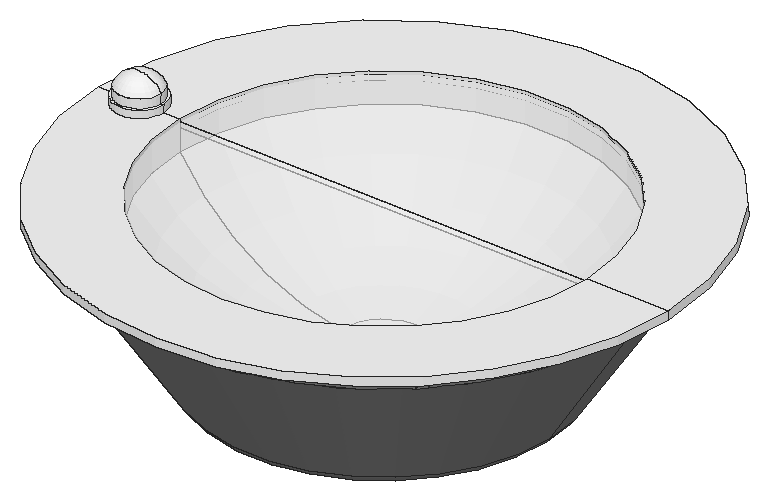
Revit family "0030320", category Lighting Fixtures, host Face, Revit 2017
Family settings
  Host = Face
  Round Connector Dimension = Use Diameter
  Part Type = Normal
  OmniClass Number = 23.80.70.00
  OmniClass Title = Lighting
  Cut with Voids When Loaded = No
  Light Source = Yes
  Shared = No
  Room Calculation Point = No
Parameters (values of type "0030320 Insaver Slim U19 IP44 170 PIR 1500lm 830")
  WidthBezel_SYL = if(Size1_SYL, 20 mm, if(Size2_SYL, 20 mm, if(Size3PIR_SYL, 30 mm, if(Size4_SYL, 20 mm, 20 mm))))  # 30 mm
  Weight = "kg"
  Wattage Comments = ""
  Wattage = 9 W
  WarrantyStartDate [instance] = "n/a"
  WarrantyGuarantorParts = "n/a"
  WarrantyDurationUnit = "n/a"
  WarrantyDurationParts = "n/a"
  WarrantyDescription = "n/a"
  built-in parameter 1150110 = 1 (stored number, unit not read)
  Voltage = 230 V
  VisibilityPIR_SYL = Size3PIR_SYL  # yes
  URL = "http://www.sylvania-lighting.com"
  TypeName = "Insaver Slim U19 IP44 170 PIR 1500lm 830"
  Type Image = <None>
  Type Comments = "n/a"
  built-in parameter 1114217 = 1 (stored number, unit not read)
  Tilt Angle = -90.00°
  built-in parameter 1150109 = 1 (stored number, unit not read)
  built-in parameter 1150134 = (empty or 0)
  built-in parameter 1150113 = 1 (stored number, unit not read)
  Size4_SYL = no
  Size3PIR_SYL = yes
  Size2_SYL = no
  Size1_SYL = no
  SerialNumber [instance] = "n/a"
  RadiusTop_SYL = 6 mm
  RadiusReflector_SYL = if(Size1_SYL, 85 mm, if(Size2_SYL, 85 mm, if(Size3PIR_SYL, 85 mm, if(Size4_SYL, 100 mm, 120 mm))))  # 85 mm
  Photometric Web File = "0030320.ies"
  Material_3_FEILO = Top-Sylvania-STARTDownlight
  PowerFactor = 0.9
  PowerConsumption = "13.64 W"
  NominalLength = 175 mm
  NominalHeight = 175 mm
  NominalDepth = 61 mm
  Name = "Insaver Slim U19 IP44 170 PIR 1500lm 830"
  ModelReference = Name  # "Insaver Slim U19 IP44 170 PIR 1500lm 830"
  ModelNumber = "0030320"
  Model = Name  # "Insaver Slim U19 IP44 170 PIR 1500lm 830"
  Material = "aluminium housing, polycarbonate diffuser"
  ManufacturerName = "Feilo Sylvania"
  Manufacturer = "Feilo Sylvania"
  LuminousEfficacy = "117 lm/W"
  built-in parameter 1150105 = 982.13 (stored number, unit not read)
  Lumens = 1053 lm
  LuminaireType = ""
  built-in parameter 1150115 = 1 (stored number, unit not read)
  LightOutputRatio = "100"
  built-in parameter 1150137 = (empty or 0)
  built-in parameter 1150139 = (empty or 0)
  LampsType = Lamp  # "LED"
  LampNominalLuminous = "1053 lm"
  LampMacAdamStep = "5"
  LampColourTemperature = "3000 K"
  LampColourRenderingIndex = "80"
  built-in parameter 1150112 = 1 (stored number, unit not read)
  built-in parameter 1150114 = 1 (stored number, unit not read)
  Lamp = "LED"
  Keynote = "16500"
  InstallationDate [instance] = "n/a"
  InputVoltage = "220-240V~"
  InputNominalFrequency = "50/60 Hz"
  built-in parameter 1150132 = (empty or 0)
  built-in parameter 1150102 = (empty or 0)
  built-in parameter 1150107 = 3000 (stored number, unit not read)
  built-in parameter 1150138 = (empty or 0)
  IngressProtection = "IP20/44"
  ImpactProtectionIndex = "IK07"
  built-in parameter 1150106 = 9.8213 (stored number, unit not read)
  IfcExportType = "IfcLightFixtureType"
  IfcExportAs = "IfcLightFixtureType"
  Height_SYL = if(Size1_SYL, 61 mm, if(Size2_SYL, 61 mm, if(Size3PIR_SYL, 61 mm, if(Size4_SYL, 61 mm, 60 mm))))  # 61 mm
  HeightBezel_SYL = if(Size1_SYL, 3 mm, if(Size2_SYL, 3 mm, if(Size3PIR_SYL, 3 mm, if(Size4_SYL, 3.2 mm, 3 mm))))  # 3 mm
  ExpectedLife = 50000
  Emit from Circle Diameter = Diameter_SYL - 40 mm  # 171 mm
  Emit Shape Visible in Rendering = no
  ElectricShockClassification = "Class II"
  built-in parameter 1150104 = 10.87 (stored number, unit not read)
  DurationUnit = "hours"
  DocumentationLiterature = "http://www.sylvania-lighting.com/product/en-int/products/0030320"
  DimmingControlOptions = "Non dimmable"
  Material_2_FEILO = Diffuser-Sylvania-STARTDownlight
  Dimming Lamp Color Temperature Shift = <None>
  Diameter_SYL = if(Size1_SYL, 165 mm, if(Size2_SYL, 190 mm, if(Size3PIR_SYL, 211 mm, if(Size4_SYL, 220 mm, 240 mm))))  # 211 mm
  DiameterTop_SYL = if(Size1_SYL, 98 mm, if(Size2_SYL, 122 mm, if(Size3PIR_SYL, 120 mm, if(Size4_SYL, 135 mm, 158 mm))))  # 120 mm
  DiameterTopBase_SYL = DiameterRecess_SYL  # 186 mm
  DiameterRecess_SYL = if(Size1_SYL, 150 mm, if(Size2_SYL, 170 mm, if(Size3PIR_SYL, 186 mm, if(Size4_SYL, 200 mm, 225 mm))))  # 186 mm
  Description = ""
  Default Elevation = 1219.2 mm
  CreatedOn = "8/1/2018"
  CreatedBy = "@sylvania-lighting.com"
  Cost = 0
  Color Filter = 16777215
  built-in parameter 1114216 [instance] = (empty or 0)
  ClassificationValue = "EF_70_80"
  ClassificationName = "Uniclass2015"
  Material_1_FEILO = Trim-Sylvania-STARTDownlight-White
  BarCode [instance] = "n/a"
  built-in parameter 1114218 = 1 (stored number, unit not read)
  built-in parameter 1150133 = 10 (stored number, unit not read)
  AssetType = "Fixed"
  AssetIdentifier [instance] = "n/a"
  Assembly Code = "D5020200"
  Apparent Load = 0 VA
  Material_4_FEILO = LED-Sylvania-STARTDownlight
Reference planes
  plane 1 "Center (Front/Back)": y = 0
  plane 2: z = 0
  plane 3 "Center (Left/Right)": x = 0
  plane 4: x = 105.5
  plane 5: x = -105.5
  plane 6: z = 3
  plane 7: z = -8
  plane 8: z = -58
  plane 9: x = -93
  plane 10: x = 93
  plane 11: x = -60
  plane 12: x = 60
  plane 13: z = -85
  plane 14: x = -75.5
  plane 15: z = 2
  plane 16: z = -46
  plane 17: x = -16
  plane 18: x = -90.5
  plane 19: x = -81.5
  plane 20: x = -99.5
  plane 21: x = -99.5
  plane 22: z = 5.5
  plane 23: z = 8.7
  plane 24: x = -98.5
  plane 25: z = 13.7
Forms (mm)
  Revolve 1, void
    sketch origin (0, 0, 0) x (1, 0, 0) y (0, 0, 1)
      loop
        line (0, 0) -> (-93, 0) -> (-93, -85) -> (0, -85) -> (0, 0)
      axis (0, 0) -> (0, -85)
    angle from 360 to 0
  Revolve 2, solid, material "Trim-Sylvania-STARTDownlight-White" <- "Material_1_FEILO"
    sketch origin (0, 0, 0) x (1, 0, 0) y (0, 0, 1)
      loop
        line (-75.5, 3) -> (-105.5, 3) -> (-105.5, 0) -> (-93, 0) -> (-93, -8) -> (-61.681, -54.768)
        arc (-61.681, -54.768) -> (-59.471, -57.129) -> (-56.357, -58) r 6
        line (-56.357, -58) -> (0, -58) -> (0, -46) -> (-16, -46)
        arc (-16, -46) -> (-49.882, -33.47) -> (-75.5, -8) r 85
        line (-75.5, -8) -> (-75.5, 3)
      axis (0, 3) -> (0, -58)
    angle from 360 to 0
  Revolve 3, solid, material "Diffuser-Sylvania-STARTDownlight" <- "Material_2_FEILO"
    sketch origin (0, 0, 0) x (1, 0, 0) y (0, 0, 1)
      loop
        line (-75.5, 0) -> (0, 0) -> (0, 2) -> (-75.5, 2) -> (-75.5, 0)
      axis (0, 2) -> (0, 0)
    angle from 360 to 0
  Revolve 4, solid, material "Trim-Sylvania-STARTDownlight-White" <- "Material_1_FEILO", visible <- "VisibilityPIR_SYL"
    sketch origin (0, 0, 0) x (1, 0, 0) y (0, 0, 1)
      loop
        line (-90.5, 3) -> (-90.5, 13.7)
        arc (-90.5, 13.7) -> (-95.217, 12.347) -> (-98.5, 8.7) r 8.9
        line (-98.5, 8.7) -> (-98.5, 5.5) -> (-99.5, 5.5) -> (-99.5, 3) -> (-90.5, 3)
      axis (-90.5, 13.7) -> (-90.5, 3)
    angle from 360 to 0
Dimensions and locks
  equal spacing: plane 4, plane 3 "Center (Left/Right)", plane 5
  "Diameter_SYL": plane 4 to plane 5
  equal spacing: plane 10, plane 3 "Center (Left/Right)", plane 9
  equal spacing: plane 12, plane 3 "Center (Left/Right)", plane 11
  "DiameterTop_SYL": plane 12 to plane 11
  "HeightBezel_SYL": plane 6 to plane 2
  "Height_SYL": plane 6 to plane 8
  locked: plane 2 to plane 7 at 8
  locked: plane 2 to plane 13 at 85
  "WidthBezel_SYL": plane 14 to plane 5
  locked: plane 6 to plane 15 at 1
  "DiameterRecess_SYL": plane 10 to plane 9
  locked: plane 3 "Center (Left/Right)" to plane 17 at 16
  locked: plane 16 to plane 8 at 12
  locked: plane 18 to plane 21 at 9
  locked: plane 22 to plane 6 at 2.5
  locked: plane 23 to plane 22 at 3.2
  locked: plane 18 to plane 24 at 8
  locked: plane 25 to plane 23 at 5
  locked: plane 25 to Revolve 4 sketch curve at 8.9
  locked: plane 18 to plane 5 at 15
  "RadiusReflector_SYL": radius of Revolve 2 sketch curve
  "RadiusTop_SYL": radius of Revolve 2 sketch curve
  aligned and locked: plane 2 to host face
  aligned and locked: level to host face
  aligned and locked: Revolve 1 sketch curve to plane 3 "Center (Left/Right)"
  aligned and locked: plane 3 "Center (Left/Right)" to Revolve 1 sketch curve
  aligned and locked: Revolve 1 sketch curve to plane 9
  aligned and locked: plane 13 to Revolve 1 sketch curve
  aligned and locked: plane 3 "Center (Left/Right)" to imposter light
  aligned and locked: imposter light to plane 15
  aligned and locked: imposter light to plane 1 "Center (Front/Back)"
  aligned and locked: Revolve 2 sketch curve to plane 3 "Center (Left/Right)"
  aligned and locked: Revolve 2 sketch curve to plane 6
  aligned and locked: Revolve 2 sketch curve to plane 5
  aligned and locked: Revolve 2 sketch curve to level
  aligned and locked: plane 7 to Revolve 2 sketch curve  (x2)
  aligned and locked: Revolve 2 sketch curve to plane 9
  aligned and locked: plane 8 to Revolve 2 sketch curve
  aligned and locked: Revolve 2 sketch curve to plane 14
  aligned and locked: plane 3 "Center (Left/Right)" to Revolve 2 sketch curve
  aligned and locked: Revolve 2 sketch curve to plane 16
  aligned and locked: Revolve 3 sketch curve to plane 3 "Center (Left/Right)"
  aligned and locked: Revolve 3 sketch curve to level
  aligned and locked: imposter light to Revolve 3 sketch curve  (x2)
  aligned and locked: Revolve 4 sketch curve to plane 18  (x2)
  aligned and locked: Revolve 4 sketch curve to plane 6
  aligned and locked: plane 22 to Revolve 4 sketch curve
  aligned and locked: plane 24 to Revolve 4 sketch curve
  aligned and locked: Revolve 4 sketch curve to Revolve 4 sketch curve
  aligned and locked: plane 21 to Revolve 4 sketch curve
Automatic sketch dimensions
  host sketch curve to host sketch curve = 2438.4 mm  (x2)
  plane 13 to Revolve 1 sketch curve = 524.6 mm
  Revolve 1 sketch curve to plane 6 = 2606.058 mm
  Revolve 1 sketch curve to level = 0 mm
  Revolve 2 sketch curve to plane 17 = 0 mm
  Revolve 2 sketch curve to plane 11 = 1.681 mm
  plane 11 to Revolve 2 sketch curve = 3.643 mm
  plane 13 to Revolve 2 sketch curve = 524.6 mm
  Revolve 2 sketch curve to Revolve 2 sketch curve = 2577.983 mm
  Revolve 3 sketch curve to plane 14 = 0 mm
  plane 13 to Revolve 3 sketch curve = 524.6 mm
  Revolve 3 sketch curve to plane 6 = 2606.058 mm
  Revolve 4 sketch curve to plane 23 = 0 mm
  plane 13 to Revolve 4 sketch curve = 524.6 mm
  Revolve 4 sketch curve to Revolve 4 sketch curve = 2595.358 mm
Connectors
  electrical at (0, 0, 0), driven by "Apparent Load", driven by "PowerFactor", driven by "Voltage"
    settings: index 1, voltage 230 V, apparent load 0 VA, apparent load phase1 0 VA, apparent load phase2 0 VA, apparent load phase3 0 VA, power factor 0.9, load classification "Lighting", number of poles 1, system type 30, power factor state 1, is connector primary yes, connector utility no, sub classification motor no, connector description ""
